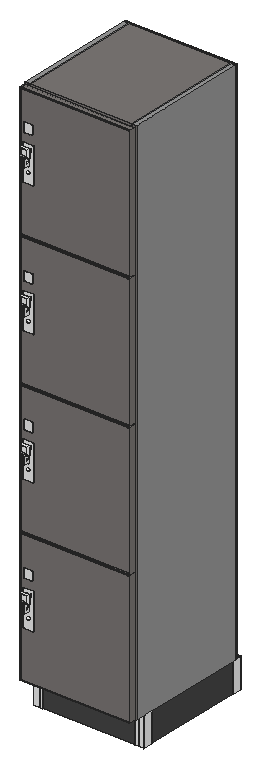
Revit family "Wood_Lockers_Hasps-Salsbury_Industries-15_44000_Series-1_Wide_Units", category Specialty Equipment, Revit 2026 (continued)
Definition of nested family "Premier Locker Doors_Hasp"
  Dimensions and locks (in)
    aligned and locked: plane 59 to cut or joined group of Extrusion 18, Extrusion 19
    aligned and locked: Extrusion 13 sketch curve to plane 61  (x2)
    aligned and locked: Extrusion 13 sketch curve to plane 62  (x2)
  Automatic sketch dimensions
    Extrusion 1 sketch curve to plane 4 "Left Side of Door" = 0.031"
    plane 5 "Right Side of Door" to Extrusion 1 sketch curve = 0.031"
    level to Extrusion 1 sketch curve = 0.031"
    plane 9 "Top of Door" to Extrusion 1 sketch curve = 0.031"
    Extrusion 2 sketch curve to plane 4 "Left Side of Door" = 0.031"
    plane 5 "Right Side of Door" to Extrusion 2 sketch curve = 0.031"
    level to Extrusion 2 sketch curve = 0.031"
    plane 9 "Top of Door" to Extrusion 2 sketch curve = 0.031"
    Extrusion 3 sketch curve to plane 4 "Left Side of Door" = 0.031"
    plane 5 "Right Side of Door" to Extrusion 3 sketch curve = 0.031"
    level to Extrusion 3 sketch curve = 0.031"
    plane 9 "Top of Door" to Extrusion 3 sketch curve = 0.031"
    plane 23 "Left Side of Door-Right Side of Trim" to Sweep 4 sketch curve = 0.000"
    plane 24 "Right Side of Door-Left Side of Trim" to Sweep 4 sketch curve = 0.000"  (x2)
    Sweep 4 sketch curve to plane 26 "Bottom of Door-Top of Trim" = 0.000"
    Sweep 4 sketch curve to plane 25 "Top of Door-Bottom of Trim" = 0.000"
    profile plane to Sweep 4 sketch curve = 0.125"
    Sweep 4 sketch curve to Sweep 4 sketch curve = 0.031"
    Sweep 4 sketch curve to plane 1 "Center (Front/Back)" = 0.375"
    plane 1 "Center (Front/Back)" to Sweep 4 sketch curve = 0.375"
    Extrusion 7 sketch curve to plane 33 = 0.000"
    Extrusion 7 sketch curve to plane 34 = 0.000"
    plane 36 to Extrusion 8 sketch curve = 0.000"
    Extrusion 8 sketch curve to Extrusion 8 sketch curve = 0.500"
    plane 35 "Top Hinge" to Extrusion 8 sketch curve = 0.250"
    Extrusion 8 sketch curve to plane 35 "Top Hinge" = 0.250"
    plane 36 to Extrusion 9 sketch curve = 0.000"
    Extrusion 9 sketch curve to Extrusion 9 sketch curve = 0.500"
    plane 37 "Bottom Hinge" to Extrusion 9 sketch curve = 0.250"
    Extrusion 9 sketch curve to plane 37 "Bottom Hinge" = 0.250"
    plane 36 to Extrusion 10 sketch curve = 0.000"
    Extrusion 10 sketch curve to Extrusion 10 sketch curve = 0.500"
    curve 4 to level = 0.000"
    plane 4 "Left Side of Door" to curve 4 = 0.000"
    plane 5 "Right Side of Door" to curve 3 = 0.000"
    curve 3 to plane 9 "Top of Door" = 0.000"
    Extrusion 5 sketch curve to plane 13 "Left Side of Number Tag" = 0.000"
    Extrusion 5 sketch curve to plane 12 "Bottom of Number Tag" = 0.000"
    Extrusion 5 sketch curve to plane 11 "Top of Number Tag" = 0.000"
    Extrusion 5 sketch curve to plane 14 "Right Side of Number Tag" = 0.000"
    Extrusion 6 sketch curve to plane 13 "Left Side of Number Tag" = 0.000"
    Extrusion 6 sketch curve to plane 12 "Bottom of Number Tag" = 0.000"
    Extrusion 6 sketch curve to plane 11 "Top of Number Tag" = 0.000"
    Extrusion 6 sketch curve to plane 14 "Right Side of Number Tag" = 0.000"
    Extrusion 11 sketch curve to plane 13 "Left Side of Number Tag" = 0.125"
    Extrusion 10 sketch curve to plane 10 "Center of Door" = 0.250"
    plane 10 "Center of Door" to Extrusion 10 sketch curve = 0.250"
    Extrusion 11 sketch curve to plane 21 "Bottom of Lock" = 0.125"
    plane 13 "Left Side of Number Tag" to Extrusion 5 sketch curve = 0.14916"
    Extrusion 5 sketch curve to Extrusion 5 sketch curve = 0.14916"  (x2)
    plane 13 "Left Side of Number Tag" to Extrusion 6 sketch curve = 0.14916"
    Extrusion 6 sketch curve to plane 12 "Bottom of Number Tag" = 0.14916"
    plane 13 "Left Side of Number Tag" to Extrusion 11 sketch curve = 0.000"  (x2)
    Extrusion 5 sketch curve to plane 12 "Bottom of Number Tag" = 0.14916"
    Extrusion 6 sketch curve to plane 14 "Right Side of Number Tag" = 0.14916"  (x2)
    plane 14 "Right Side of Number Tag" to Extrusion 11 sketch curve = 0.000"  (x2)
    Extrusion 12 sketch curve to plane 17 "Left Side of Lock" = 0.000"
    plane 13 "Left Side of Number Tag" to Extrusion 12 sketch curve = 0.000"  (x2)
    plane 14 "Right Side of Number Tag" to Extrusion 12 sketch curve = 0.000"  (x2)
    Extrusion 12 sketch curve to plane 20 "Top of Lock" = 0.000"
    Extrusion 12 sketch curve to plane 18 "Right Side of Lock" = 0.000"
    Extrusion 12 sketch curve to plane 21 "Bottom of Lock" = 0.125"
    plane 15 "Horizontal Center of Number Tag" to Sweep 14 sketch curve = 0.000"
    Sweep 14 sketch curve to plane 50 "Stud Alignment" = 0.000"
    Sweep 14 sketch curve to plane 7 "Front of Door" = 0.000"
    Sweep 14 sketch curve to profile plane = 0.000"
    profile plane to Sweep 14 sketch curve = 0.00168"
    profile plane to Sweep 14 sketch curve = 0.156"
    Sweep 14 sketch curve to plane 7 "Front of Door" = 0.03275"
    Extrusion 15 sketch curve to Extrusion 15 sketch curve = 0.000"  (x2)
    Extrusion 15 sketch curve to plane 50 "Stud Alignment" = 0.000"
    plane 15 "Horizontal Center of Number Tag" to Extrusion 15 sketch curve = 0.000"
    plane 15 "Horizontal Center of Number Tag" to Extrusion 15 sketch curve = 0.010"
    plane 13 "Left Side of Number Tag" to Sweep 16 sketch curve = 0.000"
    plane 14 "Right Side of Number Tag" to Sweep 16 sketch curve = 0.000"
    Sweep 16 sketch curve to plane 45 = 0.000"
    Sweep 16 sketch curve to plane 42 = 0.000"
    Sweep 16 sketch curve to plane 7 "Front of Door" = 0.000"
    profile plane to Sweep 16 sketch curve = 0.000"
    profile plane to Sweep 16 sketch curve = 0.22043"
    Sweep 16 sketch curve to Sweep 16 sketch curve = 0.01681"
    profile plane to Sweep 16 sketch curve = 0.33926"
    Sweep 16 sketch curve to Sweep 16 sketch curve = 0.14344"
    Sweep 16 sketch curve to Sweep 16 sketch curve = 0.15329"
    Sweep 16 sketch curve to Sweep 16 sketch curve = 0.59563"
    Sweep 16 sketch curve to Sweep 16 sketch curve = 0.24142"
    Sweep 16 sketch curve to Sweep 16 sketch curve = 0.00858"
    Sweep 16 sketch curve to Sweep 16 sketch curve = 0.51788"
    Sweep 16 sketch curve to Sweep 16 sketch curve = 0.31119"
    Sweep 16 sketch curve to Sweep 16 sketch curve = 0.11721"
    Sweep 16 sketch curve to Sweep 16 sketch curve = 0.01742"
    Sweep 16 sketch curve to Sweep 16 sketch curve = 0.06553"
    Sweep 16 sketch curve to Sweep 16 sketch curve = 0.000"
    Blend 17 sketch curve to plane 54 = 0.000"
    Blend 17 sketch curve to plane 55 = 0.000"
    Blend 17 sketch curve to plane 47 = 0.21496"
    plane 48 to Blend 17 sketch curve = 0.21496"
    plane 54 to Blend 17 sketch curve = 0.03267"
    Blend 17 sketch curve to plane 40 = 0.00461"
    Blend 17 sketch curve to plane 47 = 0.18235"
    plane 48 to Blend 17 sketch curve = 0.18227"
    Extrusion 18 sketch curve to plane 57 = 0.000"
    Extrusion 18 sketch curve to plane 58 = 0.000"
    plane 59 to Extrusion 19 sketch curve = 0.000"
    Extrusion 19 sketch curve to plane 22 "Front of Hasp Stud" = 0.16637"
    curve 29 to plane 14 "Right Side of Number Tag" = 0.000"
    curve 29 to plane 20 "Top of Lock" = 0.000"
    curve 30 to plane 18 "Right Side of Lock" = 0.000"
    curve 29 to plane 13 "Left Side of Number Tag" = 0.000"
    curve 31 to plane 42 = 0.000"
    curve 32 to plane 21 "Bottom of Lock" = 0.125"
    curve 34 to plane 14 "Right Side of Number Tag" = 0.000"
    curve 35 to plane 13 "Left Side of Number Tag" = 0.000"
    plane 15 "Horizontal Center of Number Tag" to curve 37 = 0.000"
    plane 47 to curve 37 = 0.000"
    plane 57 to curve 37 = 0.0599"
    curve 39 to plane 58 = 0.0661"
    curve 42 to plane 14 "Right Side of Number Tag" = 0.000"
    curve 41 to plane 13 "Left Side of Number Tag" = 0.000"
    curve 41 to plane 45 = 0.000"
    curve 43 to plane 42 = 0.000"
    curve 46 to plane 57 = 0.000"
    curve 46 to plane 15 "Horizontal Center of Number Tag" = 0.063"
    plane 15 "Horizontal Center of Number Tag" to curve 45 = 0.063"
    curve 47 to plane 58 = 0.000"
    curve 15 to plane 6 "Back of Door" = 0.000"
    plane 9 "Top of Door" to curve 15 = 0.000"
    plane 57 to curve 49 = 0.000"
    curve 51 to plane 56 "Front of Latch" = 0.000"
    plane 58 to curve 51 = 0.000"
    curve 17 to level = 0.000"
    plane 59 to curve 52 = 0.000"
    curve 53 to plane 22 "Front of Hasp Stud" = 0.16637"
    plane 7 "Front of Door" to curve 53 = 0.04137"
    plane 53 to curve 54 = 0.05633"
    curve 54 to plane 22 "Front of Hasp Stud" = 0.11642"
    plane 55 to curve 55 = 0.00161"
    curve 55 to plane 40 = 0.00465"
    plane 45 to curve 56 = 0.000"
    curve 56 to plane 39 "Front of Knob" = 0.01788"
    curve 56 to plane 40 = 0.08926"
    plane 55 to curve 57 = 0.000"
    curve 57 to plane 40 = 0.03757"
    plane 39 "Front of Knob" to curve 57 = 0.004"
    plane 42 to curve 60 = 0.000"
    curve 58 to plane 39 "Front of Knob" = 0.000"
    plane 54 to curve 58 = 0.000"
    plane 54 to curve 59 = 0.000"
    plane 55 to curve 58 = 0.000"
    curve 60 to plane 39 "Front of Knob" = 0.01788"
    curve 60 to plane 52 = 0.09774"
    plane 54 to curve 60 = 0.03261"
    plane 56 "Front of Latch" to curve 59 = 0.02711"
    plane 54 to curve 59 = 0.06553"
    plane 39 "Front of Knob" to curve 59 = 0.004"
    curve 61 to plane 54 = 0.00161"
    curve 61 to plane 22 "Front of Hasp Stud" = 0.11642"
    plane 6 "Back of Door" to curve 9 = 0.000"
    curve 6 to plane 4 "Left Side of Door" = 0.000"
    plane 7 "Front of Door" to curve 6 = 0.000"
    plane 7 "Front of Door" to curve 28 = 0.000"
    curve 67 to plane 14 "Right Side of Number Tag" = 0.000"
    curve 65 to plane 13 "Left Side of Number Tag" = 0.000"
    curve 66 to plane 39 "Front of Knob" = 0.000"
    curve 28 to plane 17 "Left Side of Lock" = 0.000"
    curve 28 to plane 18 "Right Side of Lock" = 0.000"
    curve 8 to plane 5 "Right Side of Door" = 0.000"
    curve 64 to plane 22 "Front of Hasp Stud" = 0.11642"
    curve 69 to plane 22 "Front of Hasp Stud" = 0.11642"
    curve 68 to plane 39 "Front of Knob" = 0.01788"
    curve 65 to plane 39 "Front of Knob" = 0.01788"
    curve 14 to plane 23 "Left Side of Door-Right Side of Trim" = 0.07537"
    plane 48 to curve 64 = 0.21657"
    plane 48 to curve 65 = 0.09774"
    plane 48 to curve 63 = 0.05633"
    curve 70 to plane 47 = 0.05633"
    curve 68 to plane 47 = 0.09774"
    curve 69 to curve 69 = 0.16024"
    curve 64 to curve 65 = 0.15655"
    curve 69 to curve 68 = 0.15655"
    plane 39 "Front of Knob" to curve 67 = 0.004"
    plane 33 to curve 14 = 0.250"
    curve 66 to curve 65 = 0.11721"
    curve 67 to plane 47 = 0.14943"
    curve 68 to curve 66 = 0.11721"
    curve 67 to curve 66 = 0.000"
    plane 39 "Front of Knob" to curve 71 = 0.004"
    curve 71 to curve 66 = 0.000"
    plane 48 to curve 71 = 0.14943"
    plane 1 "Center (Front/Back)" to curve 73 = 0.000"
    curve 73 to plane 4 "Left Side of Door" = 0.000"
    curve 73 to plane 60 = 0.000"
    plane 48 to Extrusion 13 sketch curve = 0.000"
    plane 15 "Horizontal Center of Number Tag" to Extrusion 13 sketch curve = 0.000"
    radius of Extrusion 7 sketch curve = 0.250"
    radius of Sweep 14 sketch curve = 0.010"
    radius of Extrusion 19 sketch curve = 0.250"
Definition of nested family "Wood Locker Bases"
  Parameters (values of type "Base - 12" W x 15" D Lockers")
    Width = 12.000"
    Visible Base = yes
    Visible = no
    Model = "Base - 12\" W x 15\" D Lockers"
    Manufacturer = "Salsbury Industries"
    Height = 4.000"
    Depth = 13.250"
    Default Elevation = 0.000"
    Base Secondary Material = none
    Base Primary Materials = none
    Base Hardware = none
  Types (14): name | Width | Visible Base | Visible | Model | Depth
    (no name) | 12.000" | yes | no | "Base - 12\" W x 15\" D Lockers" | 13.250"
    Base - 12" W x 15" D Lockers | 12.000" | yes | no | "Base - 12\" W x 15\" D Lockers" | 13.250"
    Base - 12" W x 18" D Lockers | 12.000" | yes | no | "Base - 12\" W x 18\" D Lockers" | 16.250"
    Base - 12" W x 21" D Lockers | 12.000" | yes | no | "Base - 12\" W x 21\" D Lockers" | 19.250"
    Base - 36" W x 15" D Lockers | 36.000" | yes | yes | "Base - 36\" W x 15\" D Lockers" | 13.250"
    Base - 36" W x 18" D Lockers | 36.000" | yes | yes | "Base - 36\" W x 18\" D Lockers" | 16.250"
    Base - 36" W x 21" D Lockers | 36.000" | yes | yes | "Base - 36\" W x 21\" D Lockers" | 19.250"
    Base - 15" W x 18" D Lockers | 15.000" | yes | no | "Base - 15\" W x 18\" D Lockers" | 16.250"
    Base - 15" W x 21" D Lockers | 15.000" | yes | no | "Base - 15\" W x 21\" D Lockers" | 19.250"
    Base - 15" W x 24" D Lockers | 15.000" | yes | no | "Base - 15\" W x 24\" D Lockers" | 22.250"
    Base - 45" W x 18" D Lockers | 45.000" | yes | yes | "Base - 45\" W x 18\" D Lockers" | 16.250"
    Base - 45" W x 21" D Lockers | 45.000" | yes | yes | "Base - 45\" W x 21\" D Lockers" | 19.250"
    Base - 45" W x 24" D Lockers | 45.000" | yes | yes | "Base - 45\" W x 24\" D Lockers" | 22.250"
    None | 12.000" | no | no | "Base - 12\" W x 15\" D Lockers" | 13.250"
  Reference planes (in)
    plane 1 "Center (Front/Back)": y = 0
    plane 2: z = 0
    plane 3 "Center (Left/Right)": x = 0
    plane 4 "Left Edge": x = -6
    plane 5 "Right Edge": x = 6
    plane 6 "Back Edge": y = 6.625
    plane 7 "Front Edge": y = -6.625
    plane 8 "Bottom Edge": z = 0
    plane 9 "Top Edge": z = 4
    plane 10: x = -4.75
    plane 11: x = -4.102
    plane 12: y = 6.562
    plane 13: y = 5.8
    plane 14: x = -5.131
    plane 15: x = -5.256
    plane 16: x = -5.937
    plane 17: x = -5.175
    plane 18: y = 4.727
    plane 19: y = 5.375
    plane 20: y = 5.756
    plane 21: y = 5.881
    plane 22: x = -5.931
    plane 23: x = 5.931
    plane 24: y = 6.556
    plane 25: y = -6.556
    plane 26: y = 6.525
    plane 27: y = -6.525
    plane 28: x = -5.9
    plane 29: x = 5.9
    plane 30: x = -2.375
    plane 31: x = 2.375
  Forms (in)
    Extrusion 1, solid, material <- "Base Hardware", visible <- "Visible Base"
      sketch origin (0, 0, 0) x (1, 0, 0) y (0, 1, 0)
        loop
          arc (-5.96712, 6.625) -> (-5.99098, 6.61598) -> (-6, 6.59212) r 0.031
          line (-6, 6.59212) -> (-6, 5.4065)
          arc (-6, 5.4065) -> (-5.9685, 5.375) -> (-5.937, 5.4065) r 0.0315
          line (-5.937, 5.4065) -> (-5.937, 5.756) -> (-5.837, 5.756) -> (-5.837, 5.819) -> (-5.937, 5.819) -> (-5.937, 6.51465) -> (-5.256, 5.83365) -> (-5.256, 5.756) -> (-5.175, 5.756) -> (-5.175, 4.75833)
          arc (-5.175, 4.75833) -> (-5.14367, 4.727) -> (-5.11235, 4.75833) r 0.03133
          line (-5.11235, 4.75833) -> (-5.11235, 5.73703) -> (-4.13348, 5.73703)
          arc (-4.13348, 5.73703) -> (-4.102, 5.76852) -> (-4.13348, 5.8) r 0.03148
          line (-4.13348, 5.8) -> (-5.131, 5.8) -> (-5.131, 5.881) -> (-5.21422, 5.881) -> (-5.89522, 6.562) -> (-5.194, 6.562) -> (-5.194, 6.462) -> (-5.131, 6.462) -> (-5.131, 6.562) -> (-4.7814, 6.562)
          arc (-4.7814, 6.562) -> (-4.7499, 6.5935) -> (-4.7814, 6.625) r 0.0315
          line (-4.7814, 6.625) -> (-5.96712, 6.625)
      from 0 to 4
    Extrusion 2, solid, material <- "Base Hardware", visible <- "Visible Base"
      sketch origin (0, 0, 0) x (-1, 0, 0) y (0, -1, 0)
        loop
          line (-5.96712, -6.625) -> (-4.7814, -6.625)
          arc (-4.7814, -6.625) -> (-4.7499, -6.5935) -> (-4.7814, -6.562) r 0.0315
          line (-4.7814, -6.562) -> (-5.131, -6.562) -> (-5.131, -6.462) -> (-5.194, -6.462) -> (-5.194, -6.562) -> (-5.89522, -6.562) -> (-5.21422, -5.881) -> (-5.131, -5.881) -> (-5.131, -5.8) -> (-4.13348, -5.8)
          arc (-4.13348, -5.8) -> (-4.102, -5.76852) -> (-4.13348, -5.73703) r 0.03148
          line (-4.13348, -5.73703) -> (-5.11235, -5.73703) -> (-5.11235, -4.75833)
          arc (-5.11235, -4.75833) -> (-5.14367, -4.727) -> (-5.175, -4.75833) r 0.03133
          line (-5.175, -4.75833) -> (-5.175, -5.756) -> (-5.256, -5.756) -> (-5.256, -5.83365) -> (-5.937, -6.51465) -> (-5.937, -5.819) -> (-5.837, -5.819) -> (-5.837, -5.756) -> (-5.937, -5.756) -> (-5.937, -5.4065)
          arc (-5.937, -5.4065) -> (-5.9685, -5.375) -> (-6, -5.4065) r 0.0315
          line (-6, -5.4065) -> (-6, -6.59212)
          arc (-6, -6.59212) -> (-5.99098, -6.61598) -> (-5.96712, -6.625) r 0.031
      from 0 to 4
    Extrusion 3, solid, material <- "Base Hardware", visible <- "Visible Base"
      sketch origin (0, 0, 0) x (1, 0, 0) y (0, 1, 0)
        loop
          line (-5.96712, -6.625) -> (-4.7814, -6.625)
          arc (-4.7814, -6.625) -> (-4.7499, -6.5935) -> (-4.7814, -6.562) r 0.0315
          line (-4.7814, -6.562) -> (-5.131, -6.562) -> (-5.131, -6.462) -> (-5.194, -6.462) -> (-5.194, -6.562) -> (-5.89522, -6.562) -> (-5.21422, -5.881) -> (-5.131, -5.881) -> (-5.131, -5.8) -> (-4.13348, -5.8)
          arc (-4.13348, -5.8) -> (-4.102, -5.76852) -> (-4.13348, -5.73703) r 0.03148
          line (-4.13348, -5.73703) -> (-5.11235, -5.73703) -> (-5.11235, -4.75833)
          arc (-5.11235, -4.75833) -> (-5.14367, -4.727) -> (-5.175, -4.75833) r 0.03133
          line (-5.175, -4.75833) -> (-5.175, -5.756) -> (-5.256, -5.756) -> (-5.256, -5.83365) -> (-5.937, -6.51465) -> (-5.937, -5.819) -> (-5.837, -5.819) -> (-5.837, -5.756) -> (-5.937, -5.756) -> (-5.937, -5.4065)
          arc (-5.937, -5.4065) -> (-5.9685, -5.375) -> (-6, -5.4065) r 0.0315
          line (-6, -5.4065) -> (-6, -6.59212)
          arc (-6, -6.59212) -> (-5.99098, -6.61598) -> (-5.96712, -6.625) r 0.031
      from 0 to 4
    Extrusion 4, solid, material <- "Base Hardware", visible <- "Visible Base"
      sketch origin (0, 0, 0) x (-1, 0, 0) y (0, -1, 0)
        loop
          arc (-5.96712, 6.625) -> (-5.99098, 6.61598) -> (-6, 6.59212) r 0.031
          line (-6, 6.59212) -> (-6, 5.4065)
          arc (-6, 5.4065) -> (-5.9685, 5.375) -> (-5.937, 5.4065) r 0.0315
          line (-5.937, 5.4065) -> (-5.937, 5.756) -> (-5.837, 5.756) -> (-5.837, 5.819) -> (-5.937, 5.819) -> (-5.937, 6.51465) -> (-5.256, 5.83365) -> (-5.256, 5.756) -> (-5.175, 5.756) -> (-5.175, 4.75833)
          arc (-5.175, 4.75833) -> (-5.14367, 4.727) -> (-5.11235, 4.75833) r 0.03133
          line (-5.11235, 4.75833) -> (-5.11235, 5.73703) -> (-4.13348, 5.73703)
          arc (-4.13348, 5.73703) -> (-4.102, 5.76852) -> (-4.13348, 5.8) r 0.03148
          line (-4.13348, 5.8) -> (-5.131, 5.8) -> (-5.131, 5.881) -> (-5.21422, 5.881) -> (-5.89522, 6.562) -> (-5.194, 6.562) -> (-5.194, 6.462) -> (-5.131, 6.462) -> (-5.131, 6.562) -> (-4.7814, 6.562)
          arc (-4.7814, 6.562) -> (-4.7499, 6.5935) -> (-4.7814, 6.625) r 0.0315
          line (-4.7814, 6.625) -> (-5.96712, 6.625)
      from 0 to 4
    Extrusion 5, solid, material <- "Base Secondary Material", visible <- "Visible Base"
      sketch origin (0, 0, 0) x (0, -1, 0) y (1, 0, 0)
        loop
          line (-5.756, 5.9) -> (-5.756, 5.181) -> (5.75697, 5.181) -> (5.75697, 5.9) -> (-5.756, 5.9)
      from 0 to 4
    Extrusion 6, solid, material <- "Base Secondary Material", visible <- "Visible Base"
      sketch origin (0, 0, 0) x (0, -1, 0) y (1, 0, 0)
        loop
          line (-5.756, -5.9) -> (5.75697, -5.9) -> (5.75697, -5.181) -> (-5.756, -5.181) -> (-5.756, -5.9)
      from 0 to 4
    Extrusion 7, solid, material <- "Base Secondary Material", visible <- "Visible Base"
      sketch origin (-2.05521, 0.625, 0) x (1, 0, 0) y (0, 1, 0)
        loop
          line (-3.07579, 5.9) -> (-3.07579, 5.181) -> (7.18621, 5.181) -> (7.18621, 5.9) -> (-3.07579, 5.9)
      from 0 to 4
    Extrusion 8, solid, material <- "Base Secondary Material", visible <- "Visible Base"
      sketch origin (-2.05521, -0.625, 0) x (1, 0, 0) y (0, 1, 0)
        loop
          line (-3.07579, -5.9) -> (7.18621, -5.9) -> (7.18621, -5.181) -> (-3.07579, -5.181) -> (-3.07579, -5.9)
      from 0 to 4
    Extrusion 9, solid, material <- "Base Primary Materials", visible <- "Visible Base"
      sketch origin (0.76452, 0, 0) x (0, -1, 0) y (1, 0, 0)
        loop
          line (-5.756, 5.16648) -> (-5.756, 5.13548) -> (5.75697, 5.13548) -> (5.75697, 5.16648) -> (-5.756, 5.16648)
      from 0 to 4
    Extrusion 10, solid, material <- "Base Primary Materials", visible <- "Visible Base"
      sketch origin (-0.719, 0, 0) x (0, -1, 0) y (1, 0, 0)
        loop
          line (-5.756, -5.212) -> (5.75697, -5.212) -> (5.75697, -5.181) -> (-5.756, -5.181) -> (-5.756, -5.212)
      from 0 to 4
    Extrusion 11, solid, material <- "Base Primary Materials", visible <- "Visible Base"
      sketch origin (-2.05521, 1.344, 0) x (1, 0, 0) y (0, 1, 0)
        loop
          line (-3.07579, 5.218) -> (-3.07579, 5.181) -> (7.18621, 5.181) -> (7.18621, 5.218) -> (-3.07579, 5.218)
      from 0 to 4
    Extrusion 12, solid, material <- "Base Primary Materials", visible <- "Visible Base"
      sketch origin (-2.05521, -1.344, 0) x (1, 0, 0) y (0, 1, 0)
        loop
          line (-3.07579, -5.212) -> (7.18621, -5.212) -> (7.18621, -5.181) -> (-3.07579, -5.181) -> (-3.07579, -5.212)
      from 0 to 4
    Extrusion 13, solid, material <- "Base Secondary Material", visible <- "Visible"
      sketch origin (0, 0, 4) x (0, -1, 0) y (1, 0, 0)
        loop
          line (-5.806, -2.375) -> (5.806, -2.375) -> (5.806, 2.375) -> (-5.806, 2.375) -> (-5.806, -2.375)
      from 0 to -0.75
    Extrusion 14, solid, material <- "Base Secondary Material", visible <- "Visible"
      sketch origin (0, 0, 0) x (0, -1, 0) y (1, 0, 0)
        loop
          line (-5.806, -2.375) -> (-5.056, -2.375) -> (-5.056, 2.375) -> (-5.806, 2.375) -> (-5.806, -2.375)
      from 0 to 3.25
    Extrusion 15, solid, material <- "Base Secondary Material", visible <- "Visible"
      sketch origin (0, 0, 0) x (0, 1, 0) y (-1, 0, 0)
        loop
          line (-5.806, 2.375) -> (-5.806, -2.375) -> (-5.056, -2.375) -> (-5.056, 2.375) -> (-5.806, 2.375)
      from 0 to 3.25
  Dimensions and locks (in)
    equal spacing: plane 4 "Left Edge", plane 3 "Center (Left/Right)", plane 5 "Right Edge"
    "Width": plane 4 "Left Edge" to plane 5 "Right Edge"
    equal spacing: plane 7 "Front Edge", plane 1 "Center (Front/Back)", plane 6 "Back Edge"
    "Depth": plane 7 "Front Edge" to plane 6 "Back Edge"
    "Height": plane 9 "Top Edge" to plane 8 "Bottom Edge"
    locked: plane 4 "Left Edge" to plane 10 at 1.25
    locked: plane 4 "Left Edge" to plane 11 at 1.898
    locked: plane 12 to plane 6 "Back Edge" at 0.063
    plane 14 to plane 10 = 0.381"
    locked: plane 12 to plane 13 at 0.762
    locked: plane 4 "Left Edge" to plane 16 at 0.063
    locked: plane 16 to plane 17 at 0.762
    locked: plane 19 to plane 6 "Back Edge" at 1.25
    locked: plane 18 to plane 6 "Back Edge" at 1.898
    plane 15 to plane 17 = 0.081"
    plane 21 to plane 13 = 0.081"
    plane 19 to plane 20 = 0.381"
    plane 24 to plane 6 "Back Edge" = 0.069"
    plane 7 "Front Edge" to plane 25 = 0.069"
    plane 23 to plane 5 "Right Edge" = 0.069"
    plane 4 "Left Edge" to plane 22 = 0.069"
    plane 26 to plane 24 = 0.031"
    plane 25 to plane 27 = 0.031"
    plane 22 to plane 28 = 0.031"
    plane 29 to plane 23 = 0.031"
    plane 30 to plane 3 "Center (Left/Right)" to plane 31 = 2.375" locked, 2.375" locked
    aligned and locked: level to plane 2
    aligned and locked: plane 30 to Extrusion 13
    aligned and locked: plane 30 to Extrusion 14
    aligned and locked: plane 30 to Extrusion 15
    aligned and locked: Extrusion 13 to plane 31
    aligned and locked: Extrusion 14 to plane 31
    aligned and locked: Extrusion 15 to plane 31
  Automatic sketch dimensions
    Extrusion 1 sketch curve to plane 4 "Left Edge" = 0.000"
    plane 6 "Back Edge" to Extrusion 1 sketch curve = 0.000"
    Extrusion 1 sketch curve to plane 16 = 0.000"  (x2)
    Extrusion 1 sketch curve to plane 12 = 0.000"  (x2)
    plane 20 to Extrusion 1 sketch curve = 0.000"  (x2)
    Extrusion 1 sketch curve to plane 15 = 0.000"
    plane 21 to Extrusion 1 sketch curve = 0.000"
    Extrusion 1 sketch curve to plane 17 = 0.000"
    Extrusion 1 sketch curve to plane 14 = 0.000"  (x2)
    Extrusion 1 sketch curve to plane 13 = 0.000"
    Extrusion 1 sketch curve to plane 4 "Left Edge" = 0.03094"
    plane 16 to Extrusion 1 sketch curve = 0.03012"
    Extrusion 1 sketch curve to plane 28 = 0.00478"
    Extrusion 1 sketch curve to plane 28 = 0.063"
    plane 17 to Extrusion 1 sketch curve = 0.03922"
    plane 17 to Extrusion 1 sketch curve = 0.019"
    plane 14 to Extrusion 1 sketch curve = 0.01267"
    plane 10 to Extrusion 1 sketch curve = 0.0314"
    plane 11 to Extrusion 1 sketch curve = 0.03148"
    plane 20 to Extrusion 1 sketch curve = 0.01897"
    Extrusion 1 sketch curve to plane 19 = 0.0315"
    Extrusion 1 sketch curve to plane 18 = 0.03133"
    plane 13 to Extrusion 1 sketch curve = 0.019"
    plane 13 to Extrusion 1 sketch curve = 0.03365"
    plane 26 to Extrusion 1 sketch curve = 0.063"
    plane 26 to Extrusion 1 sketch curve = 0.01035"
    plane 12 to Extrusion 1 sketch curve = 0.03012"
    Extrusion 2 sketch curve to plane 5 "Right Edge" = 0.000"
    plane 6 "Back Edge" to Extrusion 2 sketch curve = 0.000"
    plane 20 to Extrusion 2 sketch curve = 0.000"  (x2)
    plane 12 to Extrusion 2 sketch curve = 0.000"  (x2)
    plane 21 to Extrusion 2 sketch curve = 0.000"
    plane 13 to Extrusion 2 sketch curve = 0.000"
    Extrusion 2 sketch curve to plane 5 "Right Edge" = 0.03094"
    Extrusion 2 sketch curve to Extrusion 2 sketch curve = 0.0315"
    Extrusion 2 sketch curve to Extrusion 2 sketch curve = 0.00194"
    plane 23 to Extrusion 2 sketch curve = 0.006"
    Extrusion 2 sketch curve to plane 29 = 0.00478"
    Extrusion 2 sketch curve to plane 29 = 0.063"
    Extrusion 2 sketch curve to plane 13 = 0.03365"
    Extrusion 2 sketch curve to Extrusion 2 sketch curve = 0.581"
    Extrusion 2 sketch curve to Extrusion 2 sketch curve = 0.04178"
    Extrusion 2 sketch curve to plane 26 = 0.063"
    Extrusion 2 sketch curve to Extrusion 2 sketch curve = 0.02022"
    plane 18 to Extrusion 2 sketch curve = 0.03133"
    Extrusion 2 sketch curve to plane 29 = 0.725"
    Extrusion 2 sketch curve to Extrusion 2 sketch curve = 0.03133"
    Extrusion 2 sketch curve to Extrusion 2 sketch curve = 0.063"
    Extrusion 2 sketch curve to Extrusion 2 sketch curve = 0.08322"
    Extrusion 2 sketch curve to Extrusion 2 sketch curve = 0.3496"
    Extrusion 2 sketch curve to Extrusion 2 sketch curve = 0.97886"
    plane 19 to Extrusion 2 sketch curve = 0.0315"
    Extrusion 2 sketch curve to plane 20 = 0.01897"
    Extrusion 2 sketch curve to plane 13 = 0.019"
    Extrusion 2 sketch curve to plane 26 = 0.01035"
    Extrusion 2 sketch curve to plane 12 = 0.03012"
    Extrusion 3 sketch curve to plane 4 "Left Edge" = 0.000"
    plane 7 "Front Edge" to Extrusion 3 sketch curve = 0.000"
    Extrusion 3 sketch curve to plane 16 = 0.000"  (x2)
    Extrusion 3 sketch curve to plane 15 = 0.000"
    Extrusion 3 sketch curve to plane 17 = 0.000"
    Extrusion 3 sketch curve to plane 14 = 0.000"  (x2)
    plane 4 "Left Edge" to Extrusion 3 sketch curve = 0.03094"
    Extrusion 3 sketch curve to plane 16 = 0.03012"
    plane 28 to Extrusion 3 sketch curve = 0.00478"
    plane 28 to Extrusion 3 sketch curve = 0.063"
    Extrusion 3 sketch curve to plane 17 = 0.03922"
    Extrusion 3 sketch curve to plane 17 = 0.019"
    Extrusion 3 sketch curve to plane 14 = 0.01267"
    Extrusion 3 sketch curve to plane 25 = 0.006"  (x2)
    Extrusion 3 sketch curve to plane 10 = 0.0314"
    Extrusion 3 sketch curve to plane 11 = 0.03148"
    plane 27 to Extrusion 3 sketch curve = 0.01035"
    plane 27 to Extrusion 3 sketch curve = 0.063"
    Extrusion 3 sketch curve to Extrusion 3 sketch curve = 0.581"
    Extrusion 3 sketch curve to Extrusion 3 sketch curve = 0.04735"
    Extrusion 3 sketch curve to Extrusion 3 sketch curve = 0.01465"
    Extrusion 3 sketch curve to Extrusion 3 sketch curve = 0.081"
    Extrusion 3 sketch curve to Extrusion 3 sketch curve = 0.03148"
    Extrusion 3 sketch curve to Extrusion 3 sketch curve = 0.044"
    Extrusion 3 sketch curve to Extrusion 3 sketch curve = 0.063"
    Extrusion 3 sketch curve to Extrusion 3 sketch curve = 0.3495"
    Extrusion 3 sketch curve to Extrusion 3 sketch curve = 0.97871"
    plane 7 "Front Edge" to Extrusion 3 sketch curve = 0.03288"
    Extrusion 4 sketch curve to plane 5 "Right Edge" = 0.000"
    plane 7 "Front Edge" to Extrusion 4 sketch curve = 0.000"
    plane 5 "Right Edge" to Extrusion 4 sketch curve = 0.03094"
    Extrusion 4 sketch curve to Extrusion 4 sketch curve = 0.0315"
    Extrusion 4 sketch curve to Extrusion 4 sketch curve = 0.00194"
    Extrusion 4 sketch curve to plane 23 = 0.006"
    plane 29 to Extrusion 4 sketch curve = 0.00478"
    plane 29 to Extrusion 4 sketch curve = 0.063"
    Extrusion 4 sketch curve to Extrusion 4 sketch curve = 0.581"
    Extrusion 4 sketch curve to Extrusion 4 sketch curve = 0.04178"
    Extrusion 4 sketch curve to plane 27 = 0.063"
    Extrusion 4 sketch curve to Extrusion 4 sketch curve = 0.02022"
    plane 29 to Extrusion 4 sketch curve = 0.725"
    Extrusion 4 sketch curve to Extrusion 4 sketch curve = 0.03133"
    Extrusion 4 sketch curve to Extrusion 4 sketch curve = 0.063"  (x2)
    Extrusion 4 sketch curve to Extrusion 4 sketch curve = 0.08322"
    plane 25 to Extrusion 4 sketch curve = 0.006"  (x2)
    Extrusion 4 sketch curve to Extrusion 4 sketch curve = 0.3496"
    Extrusion 4 sketch curve to plane 27 = 0.725"
    Extrusion 4 sketch curve to Extrusion 4 sketch curve = 0.97886"
    Extrusion 4 sketch curve to Extrusion 4 sketch curve = 0.03148"
    Extrusion 4 sketch curve to Extrusion 4 sketch curve = 0.044"
    Extrusion 4 sketch curve to Extrusion 4 sketch curve = 0.000"
    Extrusion 4 sketch curve to Extrusion 4 sketch curve = 0.3495"
    Extrusion 4 sketch curve to Extrusion 4 sketch curve = 0.97871"
    Extrusion 4 sketch curve to Extrusion 4 sketch curve = 0.07765"
    Extrusion 4 sketch curve to Extrusion 4 sketch curve = 0.081"
    Extrusion 4 sketch curve to plane 27 = 0.01035"
    Extrusion 4 sketch curve to plane 7 "Front Edge" = 0.03288"
    plane 20 to Extrusion 5 sketch curve = 0.000"
    Extrusion 5 sketch curve to plane 29 = 0.000"
    Extrusion 5 sketch curve to plane 27 = 0.76803"
    plane 29 to Extrusion 5 sketch curve = 0.719"
    plane 20 to Extrusion 6 sketch curve = 0.000"
    Extrusion 6 sketch curve to plane 28 = 0.000"
    plane 27 to Extrusion 6 sketch curve = 0.76803"
    Extrusion 6 sketch curve to plane 17 = 0.006"
    Extrusion 7 sketch curve to plane 14 = 0.000"
    plane 26 to Extrusion 7 sketch curve = 0.000"
    plane 29 to Extrusion 7 sketch curve = 0.769"
    plane 13 to Extrusion 7 sketch curve = 0.006"
    Extrusion 8 sketch curve to plane 14 = 0.000"
    plane 27 to Extrusion 8 sketch curve = 0.000"
    Extrusion 8 sketch curve to plane 29 = 0.769"
    plane 27 to Extrusion 8 sketch curve = 0.719"
    plane 20 to Extrusion 9 sketch curve = 0.000"
    Extrusion 9 sketch curve to plane 23 = 0.000"
    Extrusion 9 sketch curve to plane 29 = 0.000"
    Extrusion 9 sketch curve to plane 27 = 0.76803"
    plane 20 to Extrusion 10 sketch curve = 0.000"
    Extrusion 10 sketch curve to plane 22 = 0.000"
    Extrusion 10 sketch curve to plane 28 = 0.000"
    plane 27 to Extrusion 10 sketch curve = 0.76803"
    Extrusion 11 sketch curve to plane 14 = 0.000"
    plane 12 to Extrusion 11 sketch curve = 0.000"
    plane 26 to Extrusion 11 sketch curve = 0.000"
    plane 29 to Extrusion 11 sketch curve = 0.769"
    Extrusion 12 sketch curve to plane 14 = 0.000"
    plane 25 to Extrusion 12 sketch curve = 0.000"
    plane 27 to Extrusion 12 sketch curve = 0.000"
    Extrusion 12 sketch curve to plane 29 = 0.769"
    plane 13 to Extrusion 13 sketch curve = 0.006"
    Extrusion 13 sketch curve to plane 27 = 0.719"
    Extrusion 13 sketch curve to plane 11 = 1.727"
    plane 3 "Center (Left/Right)" to Extrusion 13 sketch curve = 2.375"
    plane 13 to Extrusion 14 sketch curve = 0.006"
    plane 19 to Extrusion 14 sketch curve = 0.319"
    Extrusion 14 sketch curve to plane 11 = 1.727"
    plane 3 "Center (Left/Right)" to Extrusion 14 sketch curve = 2.375"
    plane 27 to Extrusion 15 sketch curve = 0.719"
    Extrusion 15 sketch curve to Extrusion 15 sketch curve = 0.750"
    plane 11 to Extrusion 15 sketch curve = 1.727"
    Extrusion 15 sketch curve to plane 3 "Center (Left/Right)" = 2.375"
Definition of nested family "Wood Locker Sloping Hoods"
  Parameters (values of type "44834- for 24" Deep Lockers (3 Wide)")
    Width = 54.000"
    Visible = yes
    Version = "1.0 (12/15/23)"
    Type Comments = "Sloping Hood for Premier Wood Lockers"
    Model = "834"
    Manufacturer = "Salsbury Industries"
    Laminate Surface = none
    Height = 9.118"
    Description = "For 24\" D - 3 Wide Lockers"
    Depth = 23.625"
    Default Elevation = 0.000"
  Types (20): name | Width | Visible | Version | Type Comments | Model | Manufacturer | Height | Description | Depth
    (no name) | 54.000" | yes | "1.0 (12/15/23)" | "Sloping Hood for Premier Wood Lockers" | "834" | "Salsbury Industries" | 9.118" | "For 24\" D - 3 Wide Lockers" | 23.625"
    44357 - for 15" Deep Lockers (1 Wide) | 12.000" | yes | "1.0 (12/15/23)" | "Sloping Hood for Premier Wood Lockers" | "44357" | "Salsbury Industries" | 5.743" | "For 15\" D - 1 Wide Lockers" | 14.625"
    44353 - for 18" Deep Lockers (1 Wide) | 12.000" | yes | "1.0 (12/15/23)" | "Sloping Hood for Premier Wood Lockers" | "44353" | "Salsbury Industries" | 6.868" | "For 18\" D - 1 Wide Lockers" | 17.625"
    44352 - for 21" Deep Lockers (1 Wide) | 12.000" | yes | "1.0 (12/15/23)" | "Sloping Hood for Premier Wood Lockers" | "44352" | "Salsbury Industries" | 7.993" | "For 21\" D - 1 Wide Lockers" | 20.625"
    44359 - for 15" Deep Lockers (3 Wide) | 36.000" | yes | "1.0 (12/15/23)" | "Sloping Hood for Premier Wood Lockers" | "44359" | "Salsbury Industries" | 5.743" | "For 15\" D - 3 Wide Lockers" | 14.625"
    44356 - for 18" Deep Lockers (3 Wide) | 36.000" | yes | "1.0 (12/15/23)" | "Sloping Hood for Premier Wood Lockers" | "44356" | "Salsbury Industries" | 6.868" | "For 18\" D - 3 Wide Lockers" | 17.625"
    44354 - for 21" Deep Lockers (3 Wide) | 36.000" | yes | "1.0 (12/15/23)" | "Sloping Hood for Premier Wood Lockers" | "44354" | "Salsbury Industries" | 7.993" | "For 21\" D - 3 Wide Lockers" | 20.625"
    44255 - for 24" Deep Lockers (1 Wide) | 15.000" | yes | "1.0 (12/15/23)" | "Sloping Hood for Premier Wood Lockers" | "44255" | "Salsbury Industries" | 9.118" | "For 24\" D - 1 Wood Lockers" | 23.625"
    442257 - for 24" Deep Lockers (3 Wide) | 45.000" | yes | "1.0 (12/15/23)" | "Sloping Hood for Premier Wod Lockers" | "44257" | "Salsbury Industries" | 9.118" | "For 24\" D - 3 Wide Lockers" | 23.625"
    44252 - for 21" Deep Lockers (1 Wide) | 15.000" | yes | "1.0 (12/15/23)" | "Sloping Hood for 15\" Wide Premier Wood Lockers" | "44252" | "Salsbury Industries" | 7.993" | "For 21\" D - 1 Wide Lockers" | 20.625"
    44254 - for 21" Deep Lockers (3 Wide) | 45.000" | yes | "1.0 (12/15/23)" | "Sloping Hood for 15\" Wide Premier Wood Lockers" | "44254" | "Salsbury Industries" | 7.993" | "For 21\" D - 3 Wide Lockers" | 20.625"
    44251 - for 18" Deep Lockers (1 Wide) | 15.000" | yes | "1.0 (12/15/23)" | "Sloping Hood for 15\"Wide Premier Wood Lockers" | "44251" | "Salsbury Industries" | 6.868" | "For 18\" D - 1 Wide Lockers" | 17.625"
    44253 - for 18" Deep Lockers (3 Wide) | 45.000" | yes | "1.0 (12/15/23)" | "Sloping Hood for 15\" Wide Premier Wood Lockers" | "44253" | "Salsbury Industries" | 6.868" | "For 18\" D - 3 Wide Lockers" | 17.625"
    None | 12.000" | no | "" | "" | "" | "" | 5.743" | "" | 14.625"
    44818 - for 18" Deep Lockers (1 Wide) | 18.000" | yes | "1.0 (12/15/23)" | "Sloping Hood for Premier Wood Lockers" | "44818" | "Salsbury Industries" | 6.868" | "For 18\" D - 1 Wide Lockers" | 17.625"
    44811- for 21" Deep Lockers (1 Wide) | 18.000" | yes | "1.0 (12/15/23)" | "Sloping Hood for Premier Wood Lockers" | "44811" | "Salsbury Industries" | 7.993" | "For 21\" D - 1 Wide Lockers" | 20.625"
    44814- for 24" Deep Lockers (1 Wide) | 18.000" | yes | "1.0 (12/15/23)" | "Sloping Hood for Premier Wood Lockers" | "44814" | "Salsbury Industries" | 9.118" | "For 24\" D - 1 Wide Lockers" | 23.625"
    44838- for 18" Deep Lockers (3 Wide) | 54.000" | yes | "1.0 (12/15/23)" | "Sloping Hood for Premier Wood Lockers" | "44838" | "Salsbury Industries" | 6.868" | "For 18\" D - 3 Wide Lockers" | 17.625"
    44831- for 21" Deep Lockers (3 Wide) | 54.000" | yes | "1.0 (12/15/23)" | "Sloping Hood for Premier Wood Lockers" | "44831" | "Salsbury Industries" | 7.993" | "For 21\" D - 3 Wide Lockers" | 20.625"
    44834- for 24" Deep Lockers (3 Wide) | 54.000" | yes | "1.0 (12/15/23)" | "Sloping Hood for Premier Wood Lockers" | "834" | "Salsbury Industries" | 9.118" | "For 24\" D - 3 Wide Lockers" | 23.625"
  Reference planes (in)
    plane 1 "Center (Front/Back)": y = 0
    plane 2: z = 0
    plane 3 "Center (Left/Right)": x = 0
    plane 4 "Front of Hood": y = -11.8125
    plane 5 "Back of Hood": y = 11.8125
    plane 6 "Right Side of Hood": x = 27
    plane 7 "Left Side of Hood": x = -27
    plane 8 "Bottom of Hood": z = 0
    plane 9 "Top of Hood": z = 9.118
    plane 10: x = 26.25
    plane 11: x = -26.25
    plane 12: y = -11.7815
    plane 13: y = -11.0625
    plane 14: z = 9.087
    plane 15: z = 8.368
    plane 16: z = 0.062
    plane 17: z = 0.75
  Forms (in)
    Extrusion 1, solid, visible <- "Visible"
      sketch origin (27, 0.37227, 0) x (0, -1, 0) y (0, 0, 1)
        loop
          line (-0.26039, 4.07368) -> (-0.26039, 0) -> (0.37227, 0) -> (0.37227, 3.83066) -> (-0.26039, 4.07368)
      from 0 to 54
    Extrusion 2, solid, visible <- "Visible"
      sketch origin (0, 0, 0) x (0, 1, 0) y (0, 0, 1)
        loop
          line (-9.97273, 0) -> (11.8125, 8.368) -> (11.8125, 9.087) -> (-11.73269, 0.062) -> (-11.7815, 0.062) -> (-11.7815, 0) -> (-9.97273, 0)
      from -27 to 27
    Extrusion 3, solid, material <- "Laminate Surface", visible <- "Visible"
      sketch origin (0, 0, 0) x (0, 1, 0) y (0, 0, 1)
        loop
          line (-11.8125, 0.062) -> (-11.8125, 0) -> (-11.7815, 0) -> (-11.7815, 0.062) -> (-11.8125, 0.062)
      from -27 to 27
    Extrusion 4, solid, material <- "Laminate Surface", visible <- "Visible"
      sketch origin (0, 0, 0) x (0, 1, 0) y (0, 0, 1)
        loop
          line (11.8125, 9.118) -> (-11.8125, 0.062) -> (-11.73269, 0.062) -> (11.8125, 9.087) -> (11.8125, 9.118)
      from -27 to 27
  Dimensions and locks (in)
    equal spacing: plane 7 "Left Side of Hood", plane 3 "Center (Left/Right)", plane 6 "Right Side of Hood"
    "Width": plane 7 "Left Side of Hood" to plane 6 "Right Side of Hood"
    equal spacing: plane 4 "Front of Hood", plane 1 "Center (Front/Back)", plane 5 "Back of Hood"
    "Depth": plane 4 "Front of Hood" to plane 5 "Back of Hood"
    "Height": plane 9 "Top of Hood" to plane 8 "Bottom of Hood"
    plane 7 "Left Side of Hood" to plane 11 = 0.750"
    plane 10 to plane 6 "Right Side of Hood" = 0.750"
    plane 4 "Front of Hood" to plane 12 to plane 13 = 0.031" locked, 0.719" locked
    plane 15 to plane 14 to plane 9 "Top of Hood" = 0.719" locked, 0.031" locked
    locked: plane 16 to plane 8 "Bottom of Hood" at 0.062
    locked: plane 17 to plane 8 "Bottom of Hood" at 0.75
    aligned and locked: level to plane 2
    aligned and locked: Extrusion 2 to plane 6 "Right Side of Hood"
    aligned and locked: plane 7 "Left Side of Hood" to Extrusion 2
    aligned and locked: plane 7 "Left Side of Hood" to Extrusion 4
    aligned and locked: Extrusion 4 to plane 6 "Right Side of Hood"
    aligned and locked: Extrusion 3 to plane 6 "Right Side of Hood"
    aligned and locked: plane 7 "Left Side of Hood" to Extrusion 3
    aligned and locked: Extrusion 2 to Extrusion 1 sketch curve
    aligned and locked: plane 7 "Left Side of Hood" to Extrusion 1
    aligned and locked: Extrusion 1 to plane 6 "Right Side of Hood"
  Automatic sketch dimensions
    Extrusion 3 sketch curve to level = 0.000"
    Extrusion 3 sketch curve to plane 4 "Front of Hood" = 0.000"
    Extrusion 3 sketch curve to plane 12 = 0.000"
    plane 16 to Extrusion 3 sketch curve = 0.000"
    Extrusion 4 sketch curve to plane 4 "Front of Hood" = 0.000"
    plane 16 to Extrusion 4 sketch curve = 0.000"
    Extrusion 4 sketch curve to plane 5 "Back of Hood" = 0.000"
    plane 14 to Extrusion 4 sketch curve = 0.000"
    plane 9 "Top of Hood" to Extrusion 4 sketch curve = 0.000"
    Extrusion 4 sketch curve to plane 12 = 0.04881"
    Extrusion 2 sketch curve to level = 0.000"
    Extrusion 2 sketch curve to plane 12 = 0.000"
    plane 16 to Extrusion 2 sketch curve = 0.000"
    Extrusion 2 sketch curve to plane 5 "Back of Hood" = 0.000"
    plane 15 to Extrusion 2 sketch curve = 0.000"
    plane 14 to Extrusion 2 sketch curve = 0.000"
    Extrusion 2 sketch curve to plane 13 = 1.08977"
    Extrusion 2 sketch curve to plane 12 = 0.04881"
    Extrusion 1 sketch curve to level = 0.000"
    Extrusion 1 sketch curve to plane 1 "Center (Front/Back)" = 0.000"
    Extrusion 1 sketch curve to Extrusion 1 sketch curve = 0.24302"
Definition of nested family "Wood Locker Sloping Corner Fillers"
  Parameters (values of type "44479 - for 24" D Lockers")
    Width = 25.875"
    Visible = yes
    Version = "1.0 (12/15/23)"
    Type Comments = "Sloping Hood Corner Filler for Premier Wood Lockers"
    Model = "44489"
    Manufacturer = "Salsbury Industries"
    Laminate Surface = none
    Height = 9.118"
    Description = "For 24\" D Lockers"
    Depth = 25.875"
    Default Elevation = 0.000"
  Types (6): name | Width | Visible | Version | Type Comments | Model | Manufacturer | Height | Description | Depth
    (no name) | 25.875" | yes | "1.0 (12/15/23)" | "Sloping Hood Corner Filler for Premier Wood Lockers" | "44489" | "Salsbury Industries" | 9.118" | "For 24\" D Lockers" | 25.875"
    44477 - for 15" D Lockers | 16.875" | yes | "1.0 (12/15/23)" | "Sloping Hood Corner Filler for Premier Wood Lockers" | "44487" | "Salsbury Industries" | 5.743" | "For 15\" D Lockers" | 16.875"
    44478 - for 18" D Lockers | 19.875" | yes | "1.0 (12/15/23)" | "Sloping Hood Corner Filler for Premier Wood Lockers" | "44488" | "Salsbury Industries" | 6.868" | "For 18\" D Lockers" | 19.875"
    44471 - for 21" D Lockers | 22.875" | yes | "1.0 (12/15/23)" | "Sloping Hood Corner Filler for Premier Wood Lockers" | "44481" | "Salsbury Industries" | 7.993" | "For 21\" D Lockers" | 22.875"
    44479 - for 24" D Lockers | 25.875" | yes | "1.0 (12/15/23)" | "Sloping Hood Corner Filler for Premier Wood Lockers" | "44489" | "Salsbury Industries" | 9.118" | "For 24\" D Lockers" | 25.875"
    None | 16.875" | no | "" | "" | "" | "" | 5.743" | "" | 16.875"
  Reference planes (in)
    plane 1 "Center (Front/Back)": y = -0.8125
    plane 2: z = 0
    plane 3 "Center (Left/Right)": x = 0.8125
    plane 4 "Front of Hood": y = -11.5
    plane 5 "Right Side of Hood": x = 11.5
    plane 6 "Bottom of Hood": z = 0
    plane 7 "Black Trim Line": y = -11.469
    plane 8: z = 0.062
    plane 9: z = 0.75
    plane 10 "New Back of Hood": y = 12.125
    plane 11 "New Front of Hood": y = -13.75
    plane 12 "New Left Side": x = -12.125
    plane 13 "New Right Side": x = 13.75
    plane 14 "Top": z = 9.118
    plane 15: x = 11.469
  Forms (in)
    Extrusion 1, solid, visible <- "Visible"
      sketch origin (0.8125, 0, 0) x (0, 1, 0) y (0, 0, 1)
        loop
          line (-9.66023, 0) -> (12.125, 8.36937) -> (12.125, 9.087) -> (-11.42019, 0.062) -> (-11.469, 0.062) -> (-11.469, 0) -> (-9.66023, 0)
      from -12.9375 to 12.9375
    Extrusion 2, solid, material <- "Laminate Surface", visible <- "Visible"
      sketch origin (0.8125, 0, 0.00023) x (0, 1, 0) y (0, 0, 1)
        loop
          line (12.125, 9.11777) -> (-11.5, 0.06177) -> (-11.42019, 0.06177) -> (12.125, 9.08677) -> (12.125, 9.11777)
      from -12.9375 to 12.9375
    Extrusion 3, void
      sketch origin (0, 0, 0) x (0, -1, 0) y (1, 0, 0)
        loop
          line (11.5, 11.5) -> (-12.125, -12.125) -> (11.5, -12.125) -> (11.5, 11.5)
      from 0 to 9.118
    Extrusion 4, solid, material <- "Laminate Surface", visible <- "Visible"
      sketch origin (13.75, 0, 0) x (0, -1, 0) y (0, 0, 1)
        loop
          line (11.5, 0) -> (11.5, 0.062) -> (11.469, 0.062) -> (11.469, 0) -> (11.5, 0)
      from 0 to 2.25
    Extrusion 5, solid, visible <- "Visible"
      sketch origin (-1.125, -0.8125, 0) x (1, 0, 0) y (0, 0, 1)
        loop
          line (10.78523, 0) -> (12.594, 0) -> (12.594, 0.062) -> (12.54519, 0.062) -> (-11, 9.087) -> (-11, 8.36937) -> (10.78523, 0)
      from -12.9375 to 12.9375
    Extrusion 6, solid, material <- "Laminate Surface", visible <- "Visible"
      sketch origin (-1.125, -0.8125, 0) x (1, 0, 0) y (0, 0, 1)
        loop
          line (-11, 9.118) -> (-11, 9.087) -> (12.54519, 0.062) -> (12.625, 0.062) -> (-11, 9.118)
      from -12.9375 to 12.9375
    Extrusion 7, solid, material <- "Laminate Surface", visible <- "Visible"
      sketch origin (0, -11.5, 0) x (1, 0, 0) y (0, 0, 1)
        loop
          line (11.5, 0) -> (11.5, 0.062) -> (11.469, 0.062) -> (11.469, 0) -> (11.5, 0)
      from 0 to 2.25
    Extrusion 8, void
      sketch origin (13.75, 0, 0) x (0, -1, 0) y (0, 0, 1)
        loop
          line (-12.125, 0) -> (9.66023, 0) -> (-12.125, 8.36937) -> (-12.125, 0)
      from 0 to 25.875
  Cuts and joins
    Extrusion 3, Extrusion 8 cuts Extrusion 1
    Extrusion 3 cuts Extrusion 2
    Extrusion 8 cuts Extrusion 5
    Extrusion 8 cuts Extrusion 6
  Dimensions and locks (in)
    locked: plane 4 "Front of Hood" to plane 7 "Black Trim Line" at 0.031
    locked: plane 8 to plane 6 "Bottom of Hood" at 0.062
    locked: plane 9 to plane 6 "Bottom of Hood" at 0.75
    "Height": plane 14 "Top" to plane 6 "Bottom of Hood"
    "Width": plane 12 "New Left Side" to plane 13 "New Right Side"
    "Depth": plane 11 "New Front of Hood" to plane 10 "New Back of Hood"
    equal spacing: plane 12 "New Left Side", plane 3 "Center (Left/Right)", plane 13 "New Right Side"
    equal spacing: plane 11 "New Front of Hood", plane 1 "Center (Front/Back)", plane 10 "New Back of Hood"
    locked: plane 5 "Right Side of Hood" to plane 13 "New Right Side" at 2.25
    locked: plane 11 "New Front of Hood" to plane 4 "Front of Hood" at 2.25
    locked: plane 15 to plane 5 "Right Side of Hood" at 0.031
    aligned and locked: level to plane 2
    aligned and locked: plane 12 "New Left Side" to Extrusion 3
    aligned and locked: Extrusion 2 to plane 13 "New Right Side"
    aligned and locked: plane 12 "New Left Side" to cut or joined group of Extrusion 2, Extrusion 3
    aligned and locked: cut or joined group of Extrusion 2, Extrusion 3 to plane 10 "New Back of Hood"
    aligned and locked: plane 12 "New Left Side" to cut or joined group of Extrusion 1, Extrusion 3, Extrusion 8
    aligned and locked: cut or joined group of Extrusion 1, Extrusion 3, Extrusion 8 to plane 13 "New Right Side"
    aligned and locked: cut or joined group of Extrusion 1, Extrusion 3, Extrusion 8 to plane 10 "New Back of Hood"  (x2)
    aligned and locked: plane 4 "Front of Hood" to cut or joined group of Extrusion 2, Extrusion 3
    aligned and locked: Extrusion 3 to cut or joined group of Extrusion 2, Extrusion 3
    aligned and locked: plane 13 "New Right Side" to cut or joined group of Extrusion 1, Extrusion 3, Extrusion 8
    aligned and locked: plane 5 "Right Side of Hood" to Extrusion 4
    aligned and locked: Extrusion 8 to Extrusion 1  (x2)
    aligned and locked: Extrusion 1 to Extrusion 8
    aligned and locked: cut or joined group of Extrusion 1, Extrusion 3, Extrusion 8 to Extrusion 6
    aligned and locked: plane 11 "New Front of Hood" to Extrusion 6
    aligned and locked: plane 12 "New Left Side" to Extrusion 6
    aligned and locked: plane 11 "New Front of Hood" to Extrusion 5
    aligned and locked: plane 12 "New Left Side" to Extrusion 5
    aligned and locked: cut or joined group of Extrusion 1, Extrusion 3, Extrusion 8 to Extrusion 5
  Automatic sketch dimensions
    Extrusion 1 sketch curve to level = 0.000"
    Extrusion 1 sketch curve to plane 7 "Black Trim Line" = 0.000"
    plane 8 to Extrusion 1 sketch curve = 0.000"
    Extrusion 1 sketch curve to plane 10 "New Back of Hood" = 0.000"
    Extrusion 1 sketch curve to Extrusion 1 sketch curve = 0.04881"
    Extrusion 1 sketch curve to Extrusion 1 sketch curve = 1.75996"
    plane 14 "Top" to Extrusion 1 sketch curve = 0.74863"
    plane 14 "Top" to Extrusion 1 sketch curve = 0.031"
    Extrusion 2 sketch curve to plane 4 "Front of Hood" = 0.000"
    plane 8 to Extrusion 2 sketch curve = 0.000"
    Extrusion 2 sketch curve to plane 10 "New Back of Hood" = 0.000"
    plane 14 "Top" to Extrusion 2 sketch curve = 0.000"
    Extrusion 2 sketch curve to plane 7 "Black Trim Line" = 0.04881"
    plane 14 "Top" to Extrusion 2 sketch curve = 0.031"
    plane 10 "New Back of Hood" to Extrusion 3 sketch curve = 0.000"
    plane 4 "Front of Hood" to Extrusion 3 sketch curve = 0.000"
    Extrusion 3 sketch curve to plane 12 "New Left Side" = 0.000"
    Extrusion 3 sketch curve to plane 5 "Right Side of Hood" = 0.000"
    Extrusion 4 sketch curve to level = 0.000"
    Extrusion 4 sketch curve to plane 7 "Black Trim Line" = 0.000"
    Extrusion 4 sketch curve to plane 4 "Front of Hood" = 0.000"
    plane 8 to Extrusion 4 sketch curve = 0.000"
    Extrusion 5 sketch curve to level = 0.000"
    Extrusion 5 sketch curve to plane 8 = 0.000"
    plane 14 "Top" to Extrusion 5 sketch curve = 0.031"
    Extrusion 5 sketch curve to plane 12 "New Left Side" = 0.000"
    plane 5 "Right Side of Hood" to Extrusion 5 sketch curve = 1.83977"
    plane 5 "Right Side of Hood" to Extrusion 5 sketch curve = 0.07981"
    Extrusion 5 sketch curve to Extrusion 5 sketch curve = 0.04881"
    Extrusion 5 sketch curve to Extrusion 5 sketch curve = 0.71763"
    plane 14 "Top" to Extrusion 6 sketch curve = 0.000"
    Extrusion 6 sketch curve to plane 8 = 0.000"
    Extrusion 6 sketch curve to plane 12 "New Left Side" = 0.000"
    plane 5 "Right Side of Hood" to Extrusion 6 sketch curve = 0.07981"
    Extrusion 6 sketch curve to Extrusion 6 sketch curve = 0.07981"
    plane 14 "Top" to Extrusion 6 sketch curve = 0.031"
    Extrusion 7 sketch curve to level = 0.000"
    plane 15 to Extrusion 7 sketch curve = 0.000"
    plane 5 "Right Side of Hood" to Extrusion 7 sketch curve = 0.000"
    Extrusion 7 sketch curve to plane 8 = 0.000"
    Extrusion 8 sketch curve to plane 10 "New Back of Hood" = 0.000"
    Extrusion 8 sketch curve to level = 0.000"
    Extrusion 8 sketch curve to plane 7 "Black Trim Line" = 1.80877"
    plane 14 "Top" to Extrusion 8 sketch curve = 0.74863"
Definition of nested family "Wood Locker Flat Corner Fillers"
  Parameters (values of type "44437 - for 15" D Lockers")
    Width = 16.875"
    Visible = yes
    Version = "1.0 (12/15/23)"
    Type Comments = "Flat Top Corner Filler for Premier Wood Lockers"
    Model = "44437"
    Manufacturer = "Salsbury Industries"
    Laminate Surface = none
    Height = 0.750"
    Description = "For 15\" D Lockers"
    Depth = 16.875"
    Default Elevation = 0.000"
  Types (6): name | Width | Visible | Version | Type Comments | Model | Manufacturer | Description | Depth
    (no name) | 16.875" | yes | "1.0 (12/15/23)" | "Flat Top Corner Filler for Premier Wood Lockers" | "44437" | "Salsbury Industries" | "For 15\" D Lockers" | 16.875"
    44437 - for 15" D Lockers | 16.875" | yes | "1.0 (12/15/23)" | "Flat Top Corner Filler for Premier Wood Lockers" | "44437" | "Salsbury Industries" | "For 15\" D Lockers" | 16.875"
    None | 15.000" | no | "" | "" | "" | "" | "" | 13.250"
    44438 - for 18" D Lockers | 19.875" | yes | "1.0 (12/15/23)" | "Flat Top Corner Filler for Premier Wood Lockers" | "44438" | "Salsbury Industries" | "For 18\" D Lockers" | 19.875"
    44431 - for 21" D Lockers | 22.875" | yes | "1.0 (12/15/23)" | "Flat Top Corner Filler for Premier Wood Lockers" | "44431" | "Salsbury Industries" | "For 21\" D Lockers" | 22.875"
    44439 - for 24" D Lockers | 25.875" | yes | "1.0 (12/15/23)" | "Flat Top Corner Filler for Premier Wood Lockers" | "44439" | "Salsbury Industries" | "For 24\" D Lockers" | 25.875"
  Reference planes (in)
    plane 1 "Center (Front/Back)": y = 0
    plane 2: z = 0
    plane 3 "Center (Left/Right)": x = 0
    plane 4 "Right Side": x = 8.4375
    plane 5 "Left Side": x = -8.4375
    plane 6 "Front Side": y = -8.4375
    plane 7 "Back Side": y = 8.4375
    plane 8 "Bottom": z = 0
    plane 9 "Top Side": z = 0.75
    plane 10 "Wood - Laminate Line": z = 0.719
    plane 11: x = -5.4375
    plane 12: y = -5.4375
  Forms (in)
    Extrusion 1, solid, visible <- "Visible"
      sketch origin (0, 0, 0) x (0, -1, 0) y (1, 0, 0)
        loop
          line (-8.4375, -8.4375) -> (5.4375, -8.4375) -> (5.4375, -5.4375) -> (8.4375, -5.4375) -> (8.4375, 8.4375) -> (-8.4375, 8.4375) -> (-8.4375, -8.4375)
      from 0 to 0.719
    Extrusion 2, solid, material <- "Laminate Surface", visible <- "Visible"
      sketch origin (0, 0, 0.75) x (1, 0, 0) y (0, 1, 0)
        loop
          line (-8.4375, -5.4375) -> (-5.4375, -5.4375) -> (-5.4375, -8.4375) -> (8.4375, -8.4375) -> (8.4375, 8.4375) -> (-8.4375, 8.4375) -> (-8.4375, -5.4375)
      from -0.031 to 0
  Dimensions and locks (in)
    equal spacing: plane 6 "Front Side", plane 1 "Center (Front/Back)", plane 7 "Back Side"
    equal spacing: plane 5 "Left Side", plane 3 "Center (Left/Right)", plane 4 "Right Side"
    "Width": plane 5 "Left Side" to plane 4 "Right Side"
    "Depth": plane 6 "Front Side" to plane 7 "Back Side"
    "Height": plane 9 "Top Side" to plane 8 "Bottom"
    locked: plane 9 "Top Side" to plane 10 "Wood - Laminate Line" at 0.031
    locked: plane 6 "Front Side" to plane 12 at 3
    locked: plane 5 "Left Side" to plane 11 at 3
    plane 12 to plane 7 "Back Side" = 13.875"
    aligned and locked: level to plane 2
  Automatic sketch dimensions
    Extrusion 2 sketch curve to plane 5 "Left Side" = 0.000"
    plane 6 "Front Side" to Extrusion 2 sketch curve = 0.000"
    Extrusion 2 sketch curve to plane 11 = 0.000"
    Extrusion 2 sketch curve to plane 4 "Right Side" = 0.000"
    Extrusion 2 sketch curve to plane 12 = 0.000"
    plane 7 "Back Side" to Extrusion 2 sketch curve = 0.000"
    Extrusion 1 sketch curve to plane 5 "Left Side" = 0.000"
    plane 7 "Back Side" to Extrusion 1 sketch curve = 0.000"
    Extrusion 1 sketch curve to plane 12 = 0.000"
    Extrusion 1 sketch curve to plane 4 "Right Side" = 0.000"
    plane 6 "Front Side" to Extrusion 1 sketch curve = 0.000"
    Extrusion 1 sketch curve to plane 11 = 0.000"
Definition of nested family "Wood Locker Side Panels-No Slope"
  Parameters (values of type "44237 - 6' H for 24"D Lockers")
    Width = 23.625"
    Visible = yes
    Version = "1.0 (12/15/23)"
    Type Comments = "Side Panel for Premier Wood Lockers without Sloping Hood"
    Model = "44237"
    Manufacturer = "Salsbury Industries"
    Laminate Surface = none
    Height = 72.000"
    Door Trim = none
    Description = "6' H for 21\" D Lockers"
    Depth = 0.750"
    Default Elevation = 0.000"
  Types (6): name | Width | Visible | Version | Type Comments | Model | Manufacturer | Description
    (no name) | 23.625" | yes | "1.0 (12/15/23)" | "Side Panel for Premier Wood Lockers without Sloping Hood" | "44237" | "Salsbury Industries" | "6' H for 21\" D Lockers"
    44330 - 6' H for 15"D Lockers | 14.625" | yes | "1.0 (12/15/23)" | "Side Panel for Premier Wood Lockers without Sloping Hood" | "44330" | "Salsbury Industries" | "6' H for 15\" D Lockers"
    44333 - 6' H for 18" D Lockers | 17.625" | yes | "1.0 (12/15/23)" | "Side Panel for Premier Wood Lockers withouth Sloping Hood" | "44333" | "Salsbury Industries" | "6' H for 18\" D Lockers"
    44335 - 6' H for 21" D Lockers | 20.625" | yes | "1.0 (12/15/23)" | "Side Panel for Premier Wood Lockers without Sloping Hood" | "44335" | "Salsbury Industries" | "6' H for 21\" D Lockers"
    None | 14.000" | no | "" | "" | "" | "" | ""
    44237 - 6' H for 24"D Lockers | 23.625" | yes | "1.0 (12/15/23)" | "Side Panel for Premier Wood Lockers without Sloping Hood" | "44237" | "Salsbury Industries" | "6' H for 21\" D Lockers"
  Reference planes (in)
    plane 1 "Center (Front/Back)": y = 0
    plane 2: z = 0
    plane 3 "Center (Left/Right)": x = 0
    plane 4 "Back": y = 0.375
    plane 5 "Front": y = -0.375
    plane 6 "Left Side": x = -11.8125
    plane 7 "Right Side": x = 11.8125
    plane 8 "Bottom": z = 0
    plane 9 "Top": z = 72
    plane 10 "Center Elevation": z = 36
    plane 11 "Wood - Laminate Edge": y = -0.344
    plane 12 "Right Side of Wood": x = 11.7815
    plane 13 "Left Side of Wood": x = -11.7815
    plane 14 "Top of Wood": z = 71.969
    plane 15 "Bottom of Wood": z = 0.031
